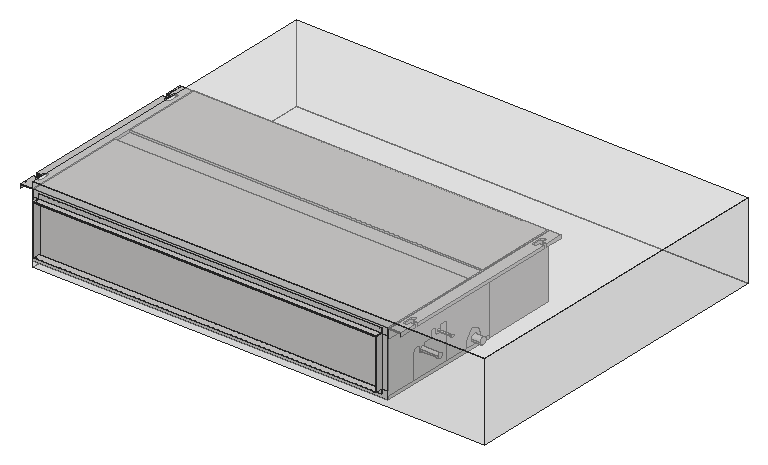
Revit family "outputfile", category 機械設備, Revit 2024
Family settings
  丸型コネクタ寸法 = 半径を使用
  パーツ タイプ = 標準
  OmniClass 番号 = 23.75.10.24.21.27.27
  OmniClass タイトル = Split System Air Conditioning Units
  作業面ベース = いいえ
  常に垂直 = はい
  ロード時にボイドで切り取り = いいえ
  注釈の向きを維持 = いいえ
  共有 = いいえ
  部屋計算ポイント = はい
Parameters (values of type "CDXM60RVMV")
  Description = ""
  書き出し IFC クラス(タイプ) = "IfcUnitaryEquipmentType"
  定義済み IFC タイプ(タイプ) = "AIRCONDITIONINGUNIT"
  Cost = 0
  Type Comments = ""
  Keynote = ""
  Type Image = (empty or 0)
  Assembly Code = ""
  switch_frequency = yes
  ld_powersupply = Depth / 2  # 310.0 mm
  製造元 = "Daikin"
  モデル = "CDXM60RVMV"
  r_Liquid Pipe Size = Liquid Pipe Size / 2  # 3.2 mm
  r_Gas Pipe Size = Gas Pipe Size / 2  # 6.35 mm
  r_Drain Pipe Size = Drain Pipe Size / 2  # 10.0 mm
  lw_powersupply = 50.0 mm  # constant formula
  lw_ductflange2 = 1020.0 mm
  lw_Width = 1060.0 mm
  lh_suctionflange [instance] = 100.0 mm  # constant formula
  ld_suctionflange [instance] = if(Rear Connection_Return Air, 190.0 mm, 100.0 mm)  # 190.0 mm
  connector_voltage = Voltage_50Hz  # 230 V
  connector_powerinput = if([Power Input (Cooling)] > [Power Input (Heating)], [Power Input (Cooling)], [Power Input (Heating)])  # 0.000 kW
  connector_phase = Phase_50Hz  # 1
  angle_vertical_RA [instance] = if(Rear Connection_Return Air, 90.00°, 0.00°)  # 90.00°
  angle horizontal_RA [instance] = if(Rear Connection_Return Air, 180.00°, 270.00°)  # 180.00°
  Voltage_comment_50Hz = "220 - 240"
  Voltage_50Hz = 230 V
  URL = ""
  Supply Air Direction [instance] = yes
  Sound Power Level_H speed (dB) = 0
  Rear Connection_Return Air [instance] = not(Bottom Connection_Return Air)  # yes
  RA_length [instance] = if(Rear Connection_Return Air, 190.0 mm, 100.0 mm)  # 190.0 mm
  Phase_50Hz = 1
  Minimum External Static Pressure = 0.00 Pa
  Minimum Circuit Amps_50Hz = 0.0 A
  Maximum Fuse Amps_50Hz = 0.0 A
  Maximum External Static Pressure = 40.00 Pa
  Material_Casing = DAIKIN_GalvanizedSteel_Casing_indoorunit
  lw_liquidpipe = 46.0 mm  # constant formula
  lw_gaspipe = 57.0 mm  # constant formula
  lw_mountinghole = 1140.0 mm
  lw_drainpipe = 30.0 mm  # constant formula
  lh_powersupply = 150.0 mm  # constant formula
  lh_liquidpipe = 90.0 mm  # constant formula
  lh_gaspipe = 113.0 mm  # constant formula
  lh_mountinghole = Height  # 200.0 mm
  lh_drainpipe = 170.0 mm  # constant formula
  lh_antena = 1.0 mm  # constant formula
  ld_liquidpipe = 193.0 mm  # constant formula
  ld_gaspipe = 130.0 mm  # constant formula
  ld_mountinghole = 500.0 mm  # constant formula
  ld_drainpipe = 330.0 mm  # constant formula
  ld_controlbox = 626.0 mm  # constant formula
  h*** = 0.0 mm  # constant formula
  d_dischargeflange = 21.2 mm  # constant formula
  Width = 1100.0 mm
  Version = "ver.1.0"
  Unit Type = "Duct (L.S.P)"
  Unit Mass Weight = 30.00 kg
  Unit Designation [instance] = ""
  Uniclass2015Version = "Products v1.30"
  Uniclass2015Title = "Split coil room air conditioning units"
  Uniclass2015Code = "Pr_70_65_03_86"
  Total Heating Capacity [instance] = 0.000 kW
  Total Cooling Capacity [instance] = 0.000 kW
  Sound Pressure Level_M speed (dBA) = 36
  Sound Pressure Level_L speed (dBA) = 34
  Sound Pressure Level_H speed (dBA) = 38
  Series = "Multi Split_Fan Coil Unit"
  Sensible Cooling Capacity [instance] = 0.000 kW
  SA Duct Size Width = 1060.0 mm
  SA Duct Size Height = 153.0 mm
  Refrigerant Type = "R32"
  RA Duct Size Width = 980.0 mm
  RA Duct Size Height = 160.0 mm
  Power Input (Heating) = 0.000 kW
  Power Input (Cooling) = 0.000 kW
  Option Accessory 3 [instance] = ""
  Option Accessory 2 [instance] = ""
  Option Accessory 1 [instance] = ""
  Nominal Heating Capacity = 7.300 kW
  Nominal Cooling Capacity = 6.000 kW
  Minimum Airflow = 810.00 m³/h
  Median Airflow = 888.00 m³/h
  Maximum Airflow = 960.00 m³/h
  Load Classification = HVAC
  Liquid Pipe Size = 6.4 mm
  Link_Nested Family [instance] = ""
  IfcVersion = ""
  IfcExportType = "AIRCONDITIONINGUNIT"
  IfcExportAs = "IfcUnitaryEquipmentType"
  Height = 200.0 mm
  Heating Entering Wet Bulb Temperature [instance] = 0.00 °C
  Heating Entering Dry Bulb Temperature [instance] = 0.00 °C
  Heating Ambient Wet Bulb Temperature [instance] = 0.00 °C
  Heating Ambient Dry Bulb Temperature [instance] = 0.00 °C
  Heat Exchanger Type = "Cross Fin Coil"
  Gas Pipe Size = 12.7 mm
  Frequency_50Hz = 50 Hz
  Fan Type = "Sirocco Fan"
  Fan Drive = "Direct Drive"
  FCU Tag No. [instance] = ""
  Drain Pipe Size = 20.0 mm
  Design Supply Airflow [instance] = 0.00 m³/h
  Design Return Airflow [instance] = 0.00 m³/h
  Design External Static Pressure [instance] = 0.00 Pa
  Depth = 620.0 mm
  既定の高さ = 0.0 mm
  Cooling Entering Wet Bulb Temperature [instance] = 0.00 °C
  Cooling Entering Dry Bulb Temperature [instance] = 0.00 °C
  Cooling Ambient Wet Bulb Temperature [instance] = 0.00 °C
  Cooling Ambient Dry Bulb Temperature [instance] = 0.00 °C
  Clearance visibility [instance] = yes
  Clearance Top = 20.0 mm
  Clearance Right = 300.0 mm
  Clearance Rear = 400.0 mm
  Clearance Left = 0.0 mm
  Clearance Front = 0.0 mm
  Clearance Bottom = 20.0 mm
  Bottom Connection_Return Air [instance] = no
Reference planes
  plane 1 "Center (Front/Back)": y = 0
  plane 2: z = 0
  plane 3 "Center (Left/Right)": x = 0
  plane 4 "Back": y = 310
  plane 5 "Front": y = -310
  plane 6 "Left": x = -550
  plane 7 "Right": x = 550
  plane 8 "Top": z = 0
  plane 9 "Bottom": z = -200
  plane 10: x = -570
  plane 11: x = 570
  plane 12: y = 250
  plane 13: z = 0
  plane 14 "Clearance Left": x = -550
  plane 15 "Clearance Right": x = 850
  plane 16 "Clearance Rear": y = 710
  plane 17 "Clearance Front": y = -310
  plane 18 "Clearance Top": z = 20
  plane 19 "Clearance Bottom": z = -220
  plane 20: y = -250
  plane 21: z = -21
  plane 22: z = -97.5
  plane 23: x = -40
  plane 24: y = 120
  plane 25: z = -100
  plane 26: y = -180
  plane 27: z = -113
  plane 28: y = -117
  plane 29: z = -90
  plane 30: y = 20
  plane 31: z = -170
  plane 32: x = 607
  plane 33: x = 596
  plane 34: x = 580
  plane 35: x = 500
  plane 36: z = -150
Forms (mm)
  Extrusion 1, solid, material "DAIKIN_GalvanizedSteel_Casing_indoorunit" <- "Material_Casing"
    sketch origin (0, 0, 0) x (1, 0, 0) y (0, 1, 0)
      loop
        line (-550, -310) -> (550, -310) -> (550, 310) -> (-550, 310) -> (-550, -310)
    from -200 to 0
  Extrusion 2, void
    sketch origin (0, 0, 1) x (1, 0, 0) y (0, 1, 0)
      loop
        line (-550, 61.5) -> (-550, 3.5) -> (550, 3.5) -> (550, 61.5) -> (-550, 61.5)
    from -1 to -7
  Extrusion 3, solid, material "DAIKIN_GalvanizedSteel_Casing_indoorunit" <- "Material_Casing", visible <- "Bottom Connection_Return Air"
    sketch origin (0, 0, 0) x (1, 0, 0) y (0, 0, 1)
      loop
        line (469, -200) -> (469, -1) -> (-549, -1) -> (-549, -200) -> (469, -200)
    from -310 to -309
  Extrusion 4, solid, material "DAIKIN_GalvanizedSteel_Casing_indoorunit" <- "Material_Casing", visible <- "Rear Connection_Return Air"
    sketch origin (0, 0, 0) x (1, 0, 0) y (0, 1, 0)
      loop
        line (-549, 310) -> (-549, 111) -> (469, 111) -> (469, 310) -> (-549, 310)
    from -200 to -199
  Extrusion 5, solid, material "DAIKIN_GalvanizedSteel_Casing_indoorunit" <- "Material_Casing"
    sketch origin (550, 0, 0) x (0, 1, 0) y (0, 0, 1)
      loop
        circle (-180, -113) r 6.35
    from 0 to 57
  Extrusion 6, solid, material "DAIKIN_GalvanizedSteel_Casing_indoorunit" <- "Material_Casing"
    sketch origin (550, 0, 0) x (0, 1, 0) y (0, 0, 1)
      loop
        circle (-117, -90) r 3.2
    from 0 to 46
  Extrusion 7, solid, material "DAIKIN_GalvanizedSteel_Casing_indoorunit" <- "Material_Casing"
    sketch origin (550, 0, 0) x (0, 1, 0) y (0, 0, 1)
      loop
        circle (20, -170) r 10
    from 0 to 30
  Extrusion 8, solid, material "DAIKIN_GalvanizedSteel_Casing_indoorunit" <- "Material_Casing"
    sketch origin (550, 0, 0) x (0, 1, 0) y (0, 0, 1)
      loop
        line (-310, -200) -> (78.6, -200) -> (78.6, -193)
        arc (78.6, -193) -> (77.721, -190.879) -> (75.6, -190) r 3
        line (75.6, -190) -> (-310, -190) -> (-310, -200)
    from 0 to -1
  Extrusion 9, solid, material "DAIKIN_GalvanizedSteel_Casing_indoorunit" <- "Material_Casing"
    sketch origin (550, 0, 0) x (0, 1, 0) y (0, 0, 1)
      loop
        line (-210, -190) -> (-85.6, -190) -> (-85.6, -83)
        arc (-85.6, -83) -> (-86.479, -80.879) -> (-88.6, -80) r 3
        line (-88.6, -80) -> (-102, -80)
        arc (-102, -80) -> (-104.121, -80.879) -> (-105, -83) r 3
        line (-105, -83) -> (-105, -90)
        arc (-105, -90) -> (-117, -102) -> (-129, -90) r 12
        line (-129, -90) -> (-129, -83)
        arc (-129, -83) -> (-129.879, -80.879) -> (-132, -80) r 3
        line (-132, -80) -> (-136.1, -80)
        arc (-136.1, -80) -> (-138.221, -80.879) -> (-139.1, -83) r 3
        line (-139.1, -83) -> (-139.1, -102.7) -> (-165, -102.7)
        arc (-165, -102.7) -> (-167.121, -103.579) -> (-168, -105.7) r 3
        line (-168, -105.7) -> (-168, -113)
        arc (-168, -113) -> (-180, -125) -> (-192, -113) r 12
        line (-192, -113) -> (-192, -105.7)
        arc (-192, -105.7) -> (-192.879, -103.579) -> (-195, -102.7) r 3
        line (-195, -102.7) -> (-207, -102.7)
        arc (-207, -102.7) -> (-209.121, -103.579) -> (-210, -105.7) r 3
        line (-210, -105.7) -> (-210, -190)
    from 0 to -1
  Extrusion 10, solid, material "DAIKIN_GalvanizedSteel_Casing_indoorunit" <- "Material_Casing"
    sketch origin (550, 0, 0) x (0, 1, 0) y (0, 0, 1)
      loop
        arc (44.5, -170) -> (20, -145.5) -> (-4.5, -170) r 24.5
        line (-4.5, -170) -> (-4.5, -190) -> (44.5, -190) -> (44.5, -170)
    from 0 to -1
  Extrusion 11, solid, material "DAIKIN_GalvanizedSteel_Casing_indoorunit" <- "Material_Casing"
    sketch origin (550, 0, 0) x (0, 1, 0) y (0, 0, 1)
      loop
        arc (86.6, -22) -> (84.479, -22.879) -> (83.6, -25) r 3
        line (83.6, -25) -> (83.6, -194.5)
        arc (83.6, -194.5) -> (84.479, -196.621) -> (86.6, -197.5) r 3
        line (86.6, -197.5) -> (307, -197.5)
        arc (307, -197.5) -> (309.121, -196.621) -> (310, -194.5) r 3
        line (310, -194.5) -> (310, -25)
        arc (310, -25) -> (309.121, -22.879) -> (307, -22) r 3
        line (307, -22) -> (86.6, -22)
    from 0 to -1
Cuts and joins
  Extrusion 2 cuts Extrusion 1
Dimensions and locks
  "Height": plane 8 "Top" to plane 9 "Bottom"
  equal spacing: plane 10, plane 3 "Center (Left/Right)", plane 11
  "lw_mountinghole": plane 10 to plane 11
  equal spacing: plane 6 "Left", plane 3 "Center (Left/Right)", plane 7 "Right"
  "Width": plane 6 "Left" to plane 7 "Right"
  "Clearance Right": plane 7 "Right" to plane 15 "Clearance Right"
  "Clearance Left": plane 14 "Clearance Left" to plane 6 "Left"
  "Clearance Rear": plane 16 "Clearance Rear" to plane 4 "Back"
  "Clearance Front": plane 5 "Front" to plane 17 "Clearance Front"
  "Clearance Top": plane 18 "Clearance Top" to plane 8 "Top"
  "Clearance Bottom": plane 9 "Bottom" to plane 19 "Clearance Bottom"
  "Depth": plane 4 "Back" to plane 5 "Front"
  equal spacing: plane 4 "Back", plane 1 "Center (Front/Back)", plane 5 "Front"
  Extrusion 3 sketch curve to Extrusion 3 sketch curve = 199.0 mm
  locked: plane 20 to plane 5 "Front" at 60
  "ld_mountinghole": plane 12 to plane 20
  locked: plane 8 "Top" to plane 21 at 21
  locked: plane 23 to plane 3 "Center (Left/Right)" at 40
  "ld_suctionflange": plane 4 "Back" to plane 24
  "lh_suctionflange": plane 8 "Top" to plane 25
  "ld_gaspipe": plane 26 to plane 5 "Front"
  "lh_gaspipe": plane 8 "Top" to plane 27
  "ld_liquidpipe": plane 28 to plane 5 "Front"
  "lh_liquidpipe": plane 8 "Top" to plane 29
  "ld_drainpipe": plane 30 to plane 5 "Front"
  "lh_drainpipe": plane 8 "Top" to plane 31
  "lw_gaspipe": plane 7 "Right" to plane 32
  "lw_liquidpipe": plane 7 "Right" to plane 33
  "lw_drainpipe": plane 7 "Right" to plane 34
  "lw_powersupply": plane 35 to plane 7 "Right"
  "lh_powersupply": plane 8 "Top" to plane 36
  "r_Gas Pipe Size": radius of Extrusion 5 sketch curve
  "r_Liquid Pipe Size": radius of Extrusion 6 sketch curve
  "r_Drain Pipe Size": radius of Extrusion 7 sketch curve
  aligned and locked: level to plane 2
  aligned and locked: Extrusion 1 to plane 9 "Bottom"
  aligned and locked: plane 8 "Top" to Extrusion 1
  aligned and locked: plane 11 to nested 2
  aligned and locked: plane 10 to nested 3
  aligned and locked: plane 10 to nested 4
  aligned and locked: plane 8 "Top" to Extrusion 2
  aligned and locked: plane 9 "Bottom" to Extrusion 4  (x2)
  aligned and locked: plane 7 "Right" to cut or joined group of Extrusion 1, Extrusion 2  (x2)
  aligned and locked: plane 3 "Center (Left/Right)" to nested 9
  aligned and locked: plane 6 "Left" to nested 7
  aligned and locked: plane 8 "Top" to nested 9
  aligned and locked: plane 11 to nested 1
  aligned and locked: nested 6 to plane 1 "Center (Front/Back)"
  aligned and locked: plane 3 "Center (Left/Right)" to nested 6
  aligned and locked: level to plane 8 "Top"
  aligned and locked: plane 1 "Center (Front/Back)" to nested 9
  aligned and locked: plane 5 "Front" to nested 10
  aligned and locked: Extrusion 1 sketch curve to plane 5 "Front"
  aligned and locked: plane 21 to nested 10
  aligned and locked: nested 5 to plane 5 "Front"
  aligned and locked: plane 3 "Center (Left/Right)" to nested 5
  aligned and locked: plane 22 to nested 5
  aligned and locked: Extrusion 2 sketch curve to plane 6 "Left"
  aligned and locked: plane 7 "Right" to Extrusion 2 sketch curve
  aligned and locked: nested 11 to plane 23
  aligned and locked: nested 11 to plane 24
  aligned and locked: plane 27 to Extrusion 5 sketch curve
  aligned and locked: plane 26 to Extrusion 5 sketch curve
  aligned and locked: plane 28 to Extrusion 6 sketch curve
  aligned and locked: plane 29 to Extrusion 6 sketch curve
  aligned and locked: plane 31 to Extrusion 7 sketch curve
  aligned and locked: plane 30 to Extrusion 7 sketch curve
  aligned and locked: plane 26 to nested 12
  aligned and locked: nested 12 to plane 27
  aligned and locked: plane 32 to Extrusion 5
  aligned and locked: plane 32 to nested 12
  aligned and locked: plane 33 to Extrusion 6
  aligned and locked: plane 28 to nested 13
  aligned and locked: nested 13 to plane 29
  aligned and locked: plane 33 to nested 13
  aligned and locked: plane 34 to Extrusion 7
  aligned and locked: plane 30 to nested 14
  aligned and locked: nested 14 to plane 31
  aligned and locked: plane 34 to nested 14
  aligned and locked: Extrusion 8 sketch curve to plane 9 "Bottom"
  aligned and locked: Extrusion 8 sketch curve to plane 5 "Front"
  aligned and locked: plane 14 "Clearance Left" to nested 15
  aligned and locked: plane 15 "Clearance Right" to nested 15
  aligned and locked: plane 16 "Clearance Rear" to nested 15
  aligned and locked: nested 15 to plane 17 "Clearance Front"
  aligned and locked: nested 15 to plane 18 "Clearance Top"
  aligned and locked: nested 15 to plane 19 "Clearance Bottom"
  aligned and locked: nested 16 to plane 35
  aligned and locked: nested 16 to plane 36
  aligned and locked: plane 4 "Back" to nested 16
Automatic sketch dimensions
  Extrusion 1 sketch curve to plane 4 "Back" = 0.0 mm
  Extrusion 1 sketch curve to plane 6 "Left" = 0.0 mm
  Extrusion 1 sketch curve to plane 7 "Right" = 0.0 mm
  Extrusion 4 sketch curve to plane 4 "Back" = 0.0 mm
  plane 6 "Left" to Extrusion 3 sketch curve = 1.0 mm
  plane 6 "Left" to Extrusion 4 sketch curve = 1.0 mm
  Extrusion 4 sketch curve to plane 1 "Center (Front/Back)" = 111.0 mm
  Extrusion 3 sketch curve to plane 9 "Bottom" = 0.0 mm
  Extrusion 3 sketch curve to plane 7 "Right" = 81.0 mm
  Extrusion 4 sketch curve to plane 7 "Right" = 81.0 mm
  Extrusion 2 sketch curve to plane 1 "Center (Front/Back)" = 3.5 mm
  Extrusion 2 sketch curve to Extrusion 2 sketch curve = 58.0 mm
  plane 9 "Bottom" to Extrusion 8 sketch curve = 7.0 mm
  Extrusion 8 sketch curve to plane 24 = 44.4 mm
  Extrusion 8 sketch curve to Extrusion 8 sketch curve = 3.0 mm
  Extrusion 9 sketch curve to plane 27 = 0.0 mm
  Extrusion 9 sketch curve to plane 26 = 0.0 mm
  Extrusion 9 sketch curve to plane 29 = 0.0 mm
  Extrusion 9 sketch curve to plane 28 = 0.0 mm
  Extrusion 9 sketch curve to plane 26 = 12.0 mm
  Extrusion 9 sketch curve to plane 25 = 2.7 mm  (x2)
  Extrusion 9 sketch curve to Extrusion 9 sketch curve = 3.0 mm  (x6)
  Extrusion 9 sketch curve to Extrusion 9 sketch curve = 12.0 mm
  plane 9 "Bottom" to Extrusion 9 sketch curve = 10.0 mm
  Extrusion 9 sketch curve to plane 26 = 30.0 mm
  Extrusion 9 sketch curve to plane 28 = 22.1 mm
  Extrusion 9 sketch curve to Extrusion 9 sketch curve = 4.1 mm
  plane 29 to Extrusion 9 sketch curve = 7.0 mm  (x2)
  Extrusion 9 sketch curve to Extrusion 9 sketch curve = 13.4 mm
  Extrusion 10 sketch curve to plane 30 = 0.0 mm
  Extrusion 10 sketch curve to plane 31 = 0.0 mm
  plane 1 "Center (Front/Back)" to Extrusion 10 sketch curve = 4.5 mm
  plane 9 "Bottom" to Extrusion 10 sketch curve = 10.0 mm
  Extrusion 11 sketch curve to plane 4 "Back" = 0.0 mm
  Extrusion 11 sketch curve to Extrusion 11 sketch curve = 3.0 mm  (x3)
  Extrusion 11 sketch curve to plane 21 = 1.0 mm
  Extrusion 11 sketch curve to plane 21 = 4.0 mm
  Extrusion 11 sketch curve to plane 24 = 33.4 mm
  plane 9 "Bottom" to Extrusion 11 sketch curve = 5.5 mm
Nested families
  nested 1: "daikin_mountinghole" at (570, 250, -200), l_antenna <- "lh_antena", Link_Nested Family <- "Link_Nested Family", h_mountinghole <- "lh_mountinghole", type "daikin_mountinghole"
    with show yes, l_antenna 1.0 mm, h_mountinghole 200.0 mm, Link_Nested Family ""
  nested 2: "daikin_mountinghole" at (570, -250, -200), Link_Nested Family <- "Link_Nested Family", l_antenna <- "lh_antena", h_mountinghole <- "lh_mountinghole", type "daikin_mountinghole"
    with show yes, l_antenna 1.0 mm, h_mountinghole 200.0 mm, Link_Nested Family ""
  nested 3: "daikin_mountinghole" at (-570, -250, -200), l_antenna <- "lh_antena", Link_Nested Family <- "Link_Nested Family", h_mountinghole <- "lh_mountinghole", type "daikin_mountinghole"
    with show yes, l_antenna 1.0 mm, h_mountinghole 200.0 mm, Link_Nested Family ""
  nested 4: "daikin_mountinghole" at (-570, 250, -200), l_antenna <- "lh_antena", Link_Nested Family <- "Link_Nested Family", h_mountinghole <- "lh_mountinghole", type "daikin_mountinghole"
    with show yes, l_antenna 1.0 mm, h_mountinghole 200.0 mm, Link_Nested Family ""
  nested 5: "daikin_connector_rotate2" at (0, -310, -97.5), length <- "d_dischargeflange", type "daikin_connector_rotate2"
    with radius 10.0 mm, length 21.2 mm, angle_vertical 90.00°, show_face no
  nested 6: "daikin_△_symbolicline" at (-75, -129.904, 200) x (-0.5, 0.866, 0) z (0, 0, 1), built-in parameter 1001364 <- "Height", visible <- "Supply Air Direction", type "daikin_△_symbolicline"
    with length 300.0 mm
  nested 7: "daikin_ductflange_CDXM-RVMV_1" at (-40, 310, -100), visible <- "Rear Connection_Return Air", material <- "Material_Casing", width <- "lw_ductflange2", type "daikin_ductflange_CDXM-RVMV_1"
    with width 1020.0 mm, material DAIKIN_GalvanizedSteel_Casing_indoorunit, height 180.0 mm, depth 21.2 mm
  nested 8: "daikin_ductflange_CDXM-RVMV_1" at (-40, 210, -200) x (1, 0, 0) z (0, 1, 0), visible <- "Bottom Connection_Return Air", material <- "Material_Casing", width <- "lw_ductflange2", type "daikin_ductflange_CDXM-RVMV_1"
    with width 1020.0 mm, material DAIKIN_GalvanizedSteel_Casing_indoorunit, height 180.0 mm, depth 21.2 mm
  nested 9: "daikin_hangerfixture_CDXM-RVMV" at (0, 0, 0), type "daikin_hangerfixture_CDXM-RVMV"
    with width 1100.0 mm
  nested 10: "daikin_ductflange_CDXM-RVMV" at (0, 3.5, -364.201), width <- "lw_Width", material <- "Material_Casing", type "daikin_ductflange_CDXM-RVMV"
    with width 1060.0 mm, material DAIKIN_GalvanizedSteel_Casing_indoorunit, height 155.0 mm, depth 21.2 mm
  nested 11: "daikin_connector_rotate3" at (-40, 120, -100), length <- "RA_length", angle_vertical <- "angle_vertical_RA", angle_horizontal <- "angle horizontal_RA", type "daikin_connector_rotate3"
    with show no, radius 10.0 mm, length 190.0 mm, angle_vertical 90.00°, angle_horizontal 180.00°
  nested 12: "daikin_connector_rotate2" at (550, -180, -113) x (0, 1, 0) z (0, 0, 1), length <- "lw_gaspipe", radius <- "r_Gas Pipe Size", type "daikin_connector_rotate2"
    with radius 6.35 mm, length 57.0 mm, angle_vertical 90.00°, show_face no
  nested 13: "daikin_connector_rotate2" at (550, -117, -90) x (0, 1, 0) z (0, 0, 1), radius <- "r_Liquid Pipe Size", length <- "lw_liquidpipe", type "daikin_connector_rotate2"
    with radius 3.2 mm, length 46.0 mm, angle_vertical 90.00°, show_face no
  nested 14: "daikin_connector_rotate2" at (550, 20, -170) x (0, 1, 0) z (0, 0, 1), radius <- "r_Drain Pipe Size", length <- "lw_drainpipe", type "daikin_connector_rotate2"
    with radius 10.0 mm, length 30.0 mm, angle_vertical 90.00°, show_face no
  nested 15: "daikin_clearancespace" at (150, 200, -99.881), visible <- "Clearance visibility", Link_Nested Family <- "Link_Nested Family", show <- "Clearance visibility", type "daikin_clearancespace"
    with width 1400.0 mm, show yes, height 240.0 mm, depth 1020.0 mm, Link_Nested Family ""
  nested 16: "daikin_connector_rotate2" at (500, 0, -150) x (-1, 0, 0) z (0, 0, 1), length <- "ld_powersupply", type "daikin_connector_rotate2"
    with radius 10.0 mm, length 310.0 mm, angle_vertical 90.00°, show_face no
Connectors
  hvac at (0, -331.2, -97.5), driven by "SA Duct Size Height", driven by "SA Duct Size Width"
    settings: on nested 5, index 1, duct flow 0.00 m³/h, flow factor 0, pres drop 0.00 Pa, loss coef 0, conn angle 0.00°, conn width 1060.0 mm, conn height 153.0 mm, conn diameter 609.6 mm, duct sys type 1, conn prof type 1, flow config 0, flow direction 2, loss method 4, conn ref index -1, conn util no, is conn primary yes, conn desc "SA Duct"
  hvac at (-40, 310, -100), driven by "RA Duct Size Height", driven by "RA Duct Size Width"
    settings: on nested 11, index 2, duct flow 0.00 m³/h, flow factor 0, pres drop 0.00 Pa, loss coef 0, conn angle 0.00°, conn width 980.0 mm, conn height 160.0 mm, conn diameter 609.6 mm, duct sys type 2, conn prof type 1, flow config 0, flow direction 1, loss method 4, conn ref index -1, conn util no, is conn primary no, conn desc "RA Duct"
  piping at (607, -180, -113), diameter 12.7, driven by "r_Gas Pipe Size"
    settings: on nested 12, index 3, connector inside diameter 609.6 mm, connector length 0.0 mm, flow factor 0, pipe flow 0.00 m³/h, pressure drop 0.0 Pa, fitting loss kfactor 0, connector angle 0.00°, fixture units 0, engagement length 0.0 mm, angle of deflection 0.00°, flow configuration 1, flow direction 2, fitting loss method 0, system type 29, joint type 0, gender type 0, connector reference index -1, connector utility 0, adjustable connector no, is connector primary yes, connector description "Refrigerant Gas Piping"
  piping at (596, -117, -90), diameter 6.4, driven by "r_Liquid Pipe Size"
    settings: on nested 13, index 4, connector inside diameter 609.6 mm, connector length 0.0 mm, flow factor 0, pipe flow 0.00 m³/h, pressure drop 0.0 Pa, fitting loss kfactor 0, connector angle 0.00°, fixture units 0, engagement length 0.0 mm, angle of deflection 0.00°, flow configuration 1, flow direction 1, fitting loss method 0, system type 29, joint type 0, gender type 0, connector reference index -1, connector utility 0, adjustable connector no, is connector primary no, connector description "Refrigerant Liquid Piping"
  piping at (580, 20, -170), diameter 20, driven by "r_Drain Pipe Size"
    settings: on nested 14, index 5, connector inside diameter 609.6 mm, connector length 0.0 mm, flow factor 0, pipe flow 0.00 m³/h, pressure drop 0.0 Pa, fitting loss kfactor 0, connector angle 0.00°, fixture units 0, engagement length 0.0 mm, angle of deflection 0.00°, flow configuration 1, flow direction 2, fitting loss method 4, system type 16, joint type 0, gender type 0, connector reference index -1, connector utility 0, adjustable connector no, is connector primary no, connector description "Condensate Drain Piping"
  electrical at (500, 310, -150), driven by "Load Classification", driven by "connector_phase", driven by "connector_powerinput", driven by "connector_voltage"
    settings: on nested 16, index 6, voltage 230 V, apparent load 0 VA, apparent load phase1 0 VA, apparent load phase2 0 VA, apparent load phase3 0 VA, power factor 1, load classification "HVAC", number of poles 1, system type 30, power factor state 1, is connector primary yes, connector utility no, sub classification motor no, connector description "Power Supply"
Definition of nested family "daikin_ductflange_CDXM-RVMV_1"
  Parameters (values of type "daikin_ductflange_CDXM-RVMV_1")
    width [instance] = 620.0 mm
    material [instance] = none
    height [instance] = 180.0 mm
    depth [instance] = 21.2 mm
    Default Elevation = 0.0 mm
  Reference planes
    plane 1 "Center (Front/Back)": y = 0
    plane 2: z = 0
    plane 3 "Center (Left/Right)": x = 0
    plane 4: x = -310
    plane 5: x = 310
    plane 6: z = 90
    plane 7: z = -90
    plane 8: z = 100
    plane 9: z = -100
    plane 10: x = -309
    plane 11: x = 309
  Forms (mm)
    Extrusion 1, solid, material <- "material"
      sketch origin (0, 0, 0) x (1, 0, 0) y (0, 0, 1)
        loop
          line (-290, 80) -> (-290, -80) -> (290, -80) -> (290, 80) -> (-290, 80)
        loop
          line (-309, -99) -> (309, -99) -> (309, 99) -> (-309, 99) -> (-309, -99)
      from 0 to 1
  Dimensions and locks
    equal spacing: plane 5, plane 3 "Center (Left/Right)", plane 4, locked at 310 each
    "width": plane 5 to plane 4
    equal spacing: plane 6, level, plane 7, locked at 90 each
    "height": plane 6 to plane 7
    equal spacing: plane 8, level, plane 9, locked at 100 each
    locked: plane 8 to plane 9 at 200
    plane 10 to plane 4 = 1.0 mm
    locked: plane 5 to plane 11 at 1
    locked: Extrusion 1 sketch curve to Extrusion 1 sketch curve at 19  (x4)
    locked: plane 8 to Extrusion 1 sketch curve at 1
    locked: Extrusion 1 sketch curve to plane 9 at 1
    aligned and locked: level to plane 2
  Automatic sketch dimensions
    plane 4 to Extrusion 1 sketch curve = 1.0 mm
    Extrusion 1 sketch curve to plane 5 = 1.0 mm
Definition of nested family "daikin_hangerfixture_CDXM-RVMV"
  Parameters (values of type "daikin_hangerfixture_CDKS-EAVMA")
    width = 700.0 mm
    material = none
    height = 30.0 mm
    depth = 618.0 mm
    Default Elevation = 0.0 mm
  Reference planes
    plane 1 "Center (Front/Back)": y = 0
    plane 2: z = 0
    plane 3 "Center (Left/Right)": x = 0
    plane 4: x = 350
    plane 5: y = 309
    plane 6: y = -309
    plane 7: x = -350
    plane 8: z = -30
  Forms (mm)
    Extrusion 1, solid, material <- "material"
      sketch origin (0, 0, 0) x (1, 0, 0) y (0, 0, 1)
        loop
          line (350, 0) -> (350, -30) -> (352.3, -30) -> (352.3, -2.3) -> (387.7, -2.3) -> (387.7, -10) -> (390, -10) -> (390, 0) -> (350, 0)
      from -309 to 309
    Extrusion 2, void
      sketch origin (0, 0, 0) x (0, 1, 0) y (0, 0, 1)
        loop
          line (309, -30) -> (309, -17.979) -> (87.935, -17.979) -> (75.914, -30) -> (309, -30)
      from 0 to 450
    Extrusion 3, void
      sketch origin (0, 0, 0) x (1, 0, 0) y (0, 1, 0)
        loop
          line (390, -243.5) -> (377, -243.5) -> (377, -237)
          arc (377, -237) -> (370, -230) -> (363, -237) r 7
          line (363, -237) -> (363, -263)
          arc (363, -263) -> (370, -270) -> (377, -263) r 7
          line (377, -263) -> (377, -256.5) -> (390, -256.5) -> (390, -243.5)
        loop
          line (390, 243.5) -> (390, 256.5) -> (377, 256.5) -> (377, 263)
          arc (377, 263) -> (370, 270) -> (363, 263) r 7
          line (363, 263) -> (363, 237)
          arc (363, 237) -> (370, 230) -> (377, 237) r 7
          line (377, 237) -> (377, 243.5) -> (390, 243.5)
      from -254.96 to 618
    Extrusion 4, solid, material <- "material"
      sketch origin (0, 0, 0) x (-1, 0, 0) y (0, 0, -1)
        loop
          line (350, 0) -> (390, 0) -> (390, 10) -> (387.7, 10) -> (387.7, 2.3) -> (352.3, 2.3) -> (352.3, 30) -> (350, 30) -> (350, 0)
      from -309 to 309
    Extrusion 5, void
      sketch origin (0, 0, 0) x (-1, 0, 0) y (0, -1, 0)
        loop
          line (390, 243.5) -> (390, 256.5) -> (377, 256.5) -> (377, 263)
          arc (377, 263) -> (370, 270) -> (363, 263) r 7
          line (363, 263) -> (363, 237)
          arc (363, 237) -> (370, 230) -> (377, 237) r 7
          line (377, 237) -> (377, 243.5) -> (390, 243.5)
        loop
          line (390, -243.5) -> (377, -243.5) -> (377, -237)
          arc (377, -237) -> (370, -230) -> (363, -237) r 7
          line (363, -237) -> (363, -263)
          arc (363, -263) -> (370, -270) -> (377, -263) r 7
          line (377, -263) -> (377, -256.5) -> (390, -256.5) -> (390, -243.5)
      from -254.96 to 618
  Cuts and joins
    Extrusion 2, Extrusion 3, Extrusion 5 cuts Extrusion 1
    Extrusion 5 cuts Extrusion 4
  Dimensions and locks
    equal spacing: plane 5, plane 1 "Center (Front/Back)", plane 6
    "depth": plane 5 to plane 6
    plane 6 to plane 1 "Center (Front/Back)" to plane 5 = 309.0 mm, 309.0 mm
    equal spacing: plane 4, plane 3 "Center (Left/Right)", plane 7
    "width": plane 4 to plane 7
    "height": level to plane 8
    aligned and locked: level to plane 2
    aligned and locked: plane 5 to Extrusion 1
    aligned and locked: Extrusion 1 to plane 6
    aligned and locked: Extrusion 1 to plane 4
    aligned and locked: plane 5 to cut or joined group of Extrusion 1, Extrusion 2, Extrusion 3, Extrusion 5
    aligned and locked: cut or joined group of Extrusion 1, Extrusion 2, Extrusion 3, Extrusion 5 to plane 6
    aligned and locked: level to cut or joined group of Extrusion 1, Extrusion 2, Extrusion 3, Extrusion 5
    aligned and locked: cut or joined group of Extrusion 1, Extrusion 2, Extrusion 3, Extrusion 5 to plane 8
    aligned and locked: plane 5 to cut or joined group of Extrusion 4, Extrusion 5
    aligned and locked: cut or joined group of Extrusion 4, Extrusion 5 to plane 6
  Automatic sketch dimensions
    Extrusion 1 sketch curve to plane 4 = 0.0 mm
    Extrusion 1 sketch curve to plane 8 = 0.0 mm
    Extrusion 1 sketch curve to level = 0.0 mm
    plane 4 to Extrusion 1 sketch curve = 2.3 mm
    Extrusion 1 sketch curve to level = 2.3 mm
    Extrusion 1 sketch curve to Extrusion 1 sketch curve = 35.4 mm
    Extrusion 1 sketch curve to Extrusion 1 sketch curve = 2.3 mm
    Extrusion 1 sketch curve to Extrusion 1 sketch curve = 7.7 mm
    Extrusion 2 sketch curve to plane 8 = 0.0 mm
    Extrusion 2 sketch curve to plane 5 = 0.0 mm
    plane 8 to Extrusion 2 sketch curve = 12.021 mm
    Extrusion 2 sketch curve to plane 1 "Center (Front/Back)" = 87.935 mm
    Extrusion 2 sketch curve to Extrusion 2 sketch curve = 12.021 mm
    plane 4 to Extrusion 3 sketch curve = 13.0 mm  (x2)
    Extrusion 3 sketch curve to Extrusion 3 sketch curve = 7.0 mm  (x4)
    Extrusion 3 sketch curve to Extrusion 3 sketch curve = 13.0 mm  (x4)
    plane 6 to Extrusion 3 sketch curve = 46.0 mm
    Extrusion 3 sketch curve to Extrusion 3 sketch curve = 6.5 mm  (x4)
    Extrusion 3 sketch curve to plane 5 = 72.0 mm
    Extrusion 4 sketch curve to plane 7 = 0.0 mm
    Extrusion 4 sketch curve to plane 8 = 0.0 mm
    Extrusion 4 sketch curve to level = 0.0 mm
    Extrusion 4 sketch curve to plane 7 = 2.3 mm
    Extrusion 4 sketch curve to level = 2.3 mm
    Extrusion 4 sketch curve to Extrusion 4 sketch curve = 35.4 mm
    Extrusion 4 sketch curve to Extrusion 4 sketch curve = 2.3 mm
    Extrusion 4 sketch curve to Extrusion 4 sketch curve = 7.7 mm
    Extrusion 5 sketch curve to plane 7 = 13.0 mm  (x2)
    Extrusion 5 sketch curve to Extrusion 5 sketch curve = 7.0 mm  (x4)
    Extrusion 5 sketch curve to Extrusion 5 sketch curve = 13.0 mm  (x4)
    Extrusion 5 sketch curve to plane 5 = 46.0 mm
    Extrusion 5 sketch curve to Extrusion 5 sketch curve = 6.5 mm  (x4)
    plane 6 to Extrusion 5 sketch curve = 72.0 mm
Definition of nested family "daikin_ductflange_CDXM-RVMV"
  Parameters (values of type "daikin_ductflange_FXDQ-NDVET")
    width [instance] = 660.0 mm
    material [instance] = none
    height [instance] = 155.0 mm
    depth [instance] = 21.2 mm
    Default Elevation = 0.0 mm
  Reference planes
    plane 1 "Center (Front/Back)": y = 0
    plane 2: z = 189.201
    plane 3 "Center (Left/Right)": x = 0
    plane 4: y = -313.5
    plane 5: x = -330
    plane 6: x = 330
    plane 7: y = -334.7
    plane 8: z = 344.201
    plane 9: z = 266.701
    plane 10: z = 343.201
    plane 11: z = 190.201
  Forms (mm)
    Extrusion 1, solid, material <- "material"
      sketch origin (0, 0, 189.201) x (1, 0, 0) y (0, 1, 0)
        loop
          line (-330, -334.7) -> (-330, -313.5) -> (-350, -313.5) -> (-350, -314.5) -> (-331, -314.5) -> (-331, -334.7) -> (-330, -334.7)
        loop
          line (330, -334.7) -> (331, -334.7) -> (331, -314.5) -> (350, -314.5) -> (350, -313.5) -> (330, -313.5) -> (330, -334.7)
      from 1 to 154
    Extrusion 2, solid, material <- "material"
      sketch origin (0, 0, 0) x (0, 1, 0) y (0, 0, 1)
        loop
          line (-313.5, 343.201) -> (-313.5, 358.201) -> (-314.5, 358.201) -> (-314.5, 344.201) -> (-334.7, 344.201) -> (-334.7, 343.201) -> (-313.5, 343.201)
        loop
          line (-313.5, 190.201) -> (-334.7, 190.201) -> (-334.7, 189.201) -> (-314.5, 189.201) -> (-314.5, 175.201) -> (-313.5, 175.201) -> (-313.5, 190.201)
      from -330 to 330
  Dimensions and locks
    plane 4 to plane 1 "Center (Front/Back)" = 313.5 mm
    "depth": plane 7 to plane 4
    equal spacing: plane 8, plane 9, level
    "height": plane 8 to level
    equal spacing: plane 6, plane 3 "Center (Left/Right)", plane 5
    "width": plane 6 to plane 5
    locked: plane 8 to plane 10 at 1
    locked: plane 11 to level at 1
    locked: Extrusion 1 to Extrusion 2 sketch curve at 1
    locked: Extrusion 2 sketch curve to Extrusion 1 at 1
    plane 10 to plane 11 = 153.0 mm
    aligned and locked: level to plane 2
    aligned and locked: Extrusion 2 to plane 5
    aligned and locked: Extrusion 2 to plane 11
    aligned and locked: Extrusion 2 to plane 10
    aligned and locked: plane 6 to Extrusion 2
    aligned and locked: plane 5 to Extrusion 2  (x2)
    aligned and locked: plane 5 to Extrusion 1  (x2)
    aligned and locked: Extrusion 1 to plane 6
    aligned and locked: plane 6 to Extrusion 1
    aligned and locked: Extrusion 1 to plane 10
  Automatic sketch dimensions
    Extrusion 2 sketch curve to plane 7 = 0.0 mm  (x2)
    Extrusion 2 sketch curve to plane 4 = 0.0 mm  (x2)
    Extrusion 2 sketch curve to plane 11 = 0.0 mm
    Extrusion 2 sketch curve to plane 10 = 0.0 mm
    Extrusion 2 sketch curve to plane 4 = 1.0 mm  (x2)
    Extrusion 2 sketch curve to level = 14.0 mm
    plane 8 to Extrusion 2 sketch curve = 14.0 mm
    Extrusion 1 sketch curve to plane 4 = 0.0 mm  (x2)
    Extrusion 1 sketch curve to plane 7 = 0.0 mm  (x2)
    Extrusion 1 sketch curve to plane 5 = 0.0 mm
    Extrusion 1 sketch curve to plane 6 = 0.0 mm
    Extrusion 1 sketch curve to plane 5 = 1.0 mm
    Extrusion 1 sketch curve to Extrusion 1 sketch curve = 19.0 mm  (x2)
    Extrusion 1 sketch curve to Extrusion 1 sketch curve = 1.0 mm
    Extrusion 1 sketch curve to plane 4 = 1.0 mm  (x2)
Definition of nested family "daikin_clearancespace"
  Parameters (values of type "daikin_clearancespace")
    Description = "daikin_clearancespace"
    width [instance] = 1823.963 mm
    show [instance] = yes
    material = none
    height [instance] = 1359.762 mm
    depth [instance] = 880.0 mm
    Default Elevation = 0.0 mm
    Link_Nested Family [instance] = ""
  Reference planes
    plane 1 "Center (Front/Back)": y = 0
    plane 2 "Center (Elevation)": z = -0.119
    plane 3 "Center (Left/Right)": x = 0
    plane 4: y = 440
    plane 5: y = -440
    plane 6 "Right": x = 911.982
    plane 7 "Left": x = -911.982
    plane 8 "Top": z = 679.762
    plane 9 "Bottom": z = -680
  Forms (mm)
    Extrusion 1, solid, material <- "material", visible <- "show"
      sketch origin (0, 0, 0) x (1, 0, 0) y (0, 1, 0)
        loop
          line (-911.982, 440) -> (-911.982, -440) -> (911.982, -440) -> (911.982, 440) -> (-911.982, 440)
      from -680 to 679.762
  Lines and regions (mm)
    symbolic lines, visible <- "show"
      curve 1: line (911.982, 440, 0) -> (-911.982, 440, 0)
      curve 2: line (-911.982, 440, 0) -> (-911.982, -440, 0)
      curve 3: line (-911.982, -440, 0) -> (911.982, -440, 0)
      curve 4: line (911.982, -440, 0) -> (911.982, 440, 0)
      curve 5: line (911.982, 0, 679.762) -> (-911.982, 0, 679.762)
      curve 6: line (911.982, 0, -680) -> (911.982, 0, 679.762)
      curve 7: line (-911.982, 0, -680) -> (911.982, 0, -680)
      curve 8: line (-911.982, 0, 679.762) -> (-911.982, 0, -680)
      curve 9: line (0, 440, 679.762) -> (0, -440, 679.762)
      curve 10: line (0, -440, 679.762) -> (0, -440, -680)
      curve 11: line (0, 440, -680) -> (0, 440, 679.762)
      curve 12: line (0, -440, -680) -> (0, 440, -680)
  Dimensions and locks
    "width": plane 7 "Left" to plane 6 "Right"
    "depth": plane 4 to plane 5
    "height": plane 8 "Top" to plane 9 "Bottom"
    equal spacing: plane 7 "Left", plane 3 "Center (Left/Right)", plane 6 "Right"
    equal spacing: plane 4, plane 1 "Center (Front/Back)", plane 5
    equal spacing: plane 8 "Top", plane 2 "Center (Elevation)", plane 9 "Bottom"
    aligned and locked: level to plane 2 "Center (Elevation)"
    aligned and locked: Extrusion 1 sketch curve to plane 4
    aligned and locked: plane 7 "Left" to Extrusion 1 sketch curve
    aligned and locked: Extrusion 1 sketch curve to plane 5
    aligned and locked: Extrusion 1 sketch curve to plane 6 "Right"
    aligned and locked: plane 8 "Top" to Extrusion 1
    aligned and locked: curve 1 to Extrusion 1
    aligned and locked: curve 2 to Extrusion 1
    aligned and locked: curve 3 to Extrusion 1
    aligned and locked: curve 4 to Extrusion 1
    aligned and locked: curve 5 to Extrusion 1
    aligned and locked: curve 6 to Extrusion 1
    aligned and locked: curve 7 to Extrusion 1
    aligned and locked: curve 8 to Extrusion 1
    aligned and locked: curve 9 to Extrusion 1
    aligned and locked: curve 10 to Extrusion 1
    aligned and locked: curve 11 to Extrusion 1
    aligned and locked: curve 12 to Extrusion 1
    aligned and locked: Extrusion 1 to plane 9 "Bottom"
Definition of nested family "daikin_mountinghole"
  Parameters (values of type "daikin_mountinghole")
    Default Elevation = 1219.2 mm
    Type Comments = "mountinghole"
    show [instance] = yes
    material = none
    l_centerline = 100.0 mm
    l_antenna [instance] = 100.0 mm
    h_mountinghole [instance] = 0.0 mm
    d_circle = 30.0 mm
    Link_Nested Family [instance] = ""
  Reference planes
    plane 1 "Center (Front/Back)": y = 0
    plane 2: z = 0
    plane 3 "Center (Left/Right)": x = 0
    plane 4: y = 50
    plane 5: x = -50
    plane 6: x = 50
    plane 7: y = -50
    plane 8 "h_mountinghole": z = 0
    plane 9: z = 100
  Lines and regions (mm)
    model lines, detail levels fine
      curve 1: circle (0, 0, 0) r 15 normal (0, 0, 1)
      curve 2: line (-50, 0, 0) -> (50, 0, 0)
      curve 3: line (0, 50, 0) -> (0, -50, 0)
    symbolic lines, detail levels fine
      curve 4: circle (0, 0, 0) r 15 normal (0, 0, 1)
      curve 5: line (-50, 0, 0) -> (50, 0, 0)
      curve 6: line (0, 50, 0) -> (0, -50, 0)
    model lines
      curve 7: line (0, 0, 100) -> (0, 0, 0)
  Dimensions and locks
    equal spacing: plane 4, plane 1 "Center (Front/Back)", plane 7
    "l_centerline": plane 4 to plane 7
    equal spacing: plane 5, plane 3 "Center (Left/Right)", plane 6
    "l_centerline": plane 5 to plane 6
    "l_antenna": plane 9 to plane 8 "h_mountinghole"
    "h_mountinghole": plane 8 "h_mountinghole" to plane 2
    "d_circle": diameter of curve 1
    "d_circle": diameter of curve 4
    aligned and locked: level to plane 2
    aligned and locked: plane 1 "Center (Front/Back)" to curve 1
    aligned and locked: plane 3 "Center (Left/Right)" to curve 1
    aligned and locked: plane 1 "Center (Front/Back)" to curve 2
    aligned and locked: curve 3 to plane 3 "Center (Left/Right)"
    aligned and locked: plane 6 to curve 2
    aligned and locked: plane 5 to curve 2
    aligned and locked: plane 4 to curve 3
    aligned and locked: plane 7 to curve 3
    aligned and locked: plane 1 "Center (Front/Back)" to curve 4
    aligned and locked: plane 3 "Center (Left/Right)" to curve 4
    aligned and locked: plane 6 to curve 5
    aligned and locked: plane 5 to curve 5
    aligned and locked: plane 1 "Center (Front/Back)" to curve 5
    aligned and locked: plane 4 to curve 6
    aligned and locked: plane 7 to curve 6
    aligned and locked: curve 6 to plane 3 "Center (Left/Right)"
    aligned and locked: curve 7 to plane 3 "Center (Left/Right)"
    aligned and locked: plane 9 to curve 7
    aligned and locked: plane 8 "h_mountinghole" to curve 7
Definition of nested family "daikin_connector_rotate2"
  Parameters (values of type "daikin_connector_rotate2")
    show_face = yes
    radius [instance] = 10.0 mm
    length [instance] = 600.0 mm
    d_surface = 10.0 mm
    angle_vertical [instance] = 90.00°
    Default Elevation = 0.0 mm
  Reference planes
    plane 1 "Center (Front/Back)": y = 0
    plane 2: z = 0
    plane 3 "Center (Left/Right)": x = 0
  Forms (mm)
    Extrusion 1, solid, visible <- "show_face"
      sketch origin (0, -600, 0) x (1, 0, 0) y (0, 0, 1)
        loop
          circle (0, 0) r 10
      from 0 to -10
  Lines and regions (mm)
    reference lines
      curve 1: line (0, 0, 0) -> (0, -600, 0)
    symbolic lines
      curve 2: circle (0, 0, 0) r 5 normal (0, 0, 1)
    model lines, visible <- "show_face"
      curve 3: line (0, 0, 0) -> (0, -600, 0)
  Dimensions and locks
    "length": curve 1 to curve 1
    "length": curve 3 to curve 3
    "d_surface": Extrusion 1 to Extrusion 1
    "radius": radius of Extrusion 1 sketch curve
    "angle_vertical": angle curve 1 to plane 1 "Center (Front/Back)"
    "angle_vertical": angle curve 3 to plane 1 "Center (Front/Back)"
    aligned and locked: level to plane 2
    aligned and locked: plane 1 "Center (Front/Back)" to curve 1
    aligned and locked: plane 2 to curve 1
    aligned and locked: plane 1 "Center (Front/Back)" to curve 2
    aligned and locked: plane 3 "Center (Left/Right)" to curve 2
    aligned and locked: plane 1 "Center (Front/Back)" to curve 3
    aligned and locked: plane 2 to curve 3
    aligned and locked: Extrusion 1 to Extrusion 1
  Automatic sketch dimensions
    Extrusion 1 sketch curve to level = 0.0 mm
    Extrusion 1 sketch curve to plane 3 "Center (Left/Right)" = 0.0 mm
    radius of curve 2 = 5.0 mm
Definition of nested family "daikin_△_symbolicline"
  Parameters (values of type "daikin_△_symbolicline")
    length [instance] = 500.0 mm
    Default Elevation = 0.0 mm
  Reference planes
    plane 1 "Center (Front/Back)": y = 0
    plane 2: z = 0
    plane 3 "Center (Left/Right)": x = 0
  Lines and regions (mm)
    symbolic lines
      curve 1: line (0, -433.013, 0) -> (250, 0, 0)
      curve 2: line (250, 0, 0) -> (-250, 0, 0)
      curve 3: line (-250, 0, 0) -> (0, -433.013, 0)
  Dimensions and locks
    equal spacing: curve 3, plane 3 "Center (Left/Right)", curve 2
    "length": curve 3 to curve 2
    "length": curve 3 to curve 3
    "length": curve 1 to curve 1
    aligned and locked: level to plane 2
    aligned and locked: curve 2 to plane 1 "Center (Front/Back)"
    aligned and locked: plane 3 "Center (Left/Right)" to curve 3
Definition of nested family "daikin_connector_rotate3"
  Parameters (values of type "daikin_connector_rotate3")
    Default Elevation = 1219.2 mm
    show [instance] = yes
    radius [instance] = 10.0 mm
    length [instance] = 600.0 mm
    angle_horizontal [instance] = 60.00°
    angle_vertical [instance] = 90.00°
  Reference planes
    plane 1 "Center (Front/Back)": y = 0
    plane 2: z = 0
    plane 3 "Center (Left/Right)": x = 0
  Dimensions and locks
    "angle_horizontal": angle plane 3 "Center (Left/Right)" to nested 1
    aligned and locked: level to plane 2
    aligned and locked: plane 1 "Center (Front/Back)" to nested 1  (x2)
    aligned and locked: plane 3 "Center (Left/Right)" to nested 1
  Nested families
    nested 1: "daikin_connector_rotate2" at (0, 0, 0) x (0.5, 0.866, 0) z (0, 0, 1), angle_vertical <- "angle_vertical", length <- "length", radius <- "radius", type "daikin_connector_rotate2"
      with radius 10.0 mm, length 600.0 mm, angle_vertical 90.00°
  Definition of nested family "daikin_connector_rotate2"
    Parameters (values of type "daikin_connector_rotate2")
      show_face = yes
      radius [instance] = 10.0 mm
      length [instance] = 600.0 mm
      d_surface = 10.0 mm
      angle_vertical [instance] = 90.00°
      Default Elevation = 0.0 mm
    Reference planes
      plane 1 "Center (Front/Back)": y = 0
      plane 2: z = 0
      plane 3 "Center (Left/Right)": x = 0
    Forms (mm)
      Extrusion 1, solid, visible <- "show_face"
        sketch origin (0, -600, 0) x (1, 0, 0) y (0, 0, 1)
          loop
            circle (0, 0) r 10
        from 0 to -10
    Lines and regions (mm)
      reference lines
        curve 1: line (0, 0, 0) -> (0, -600, 0)
      symbolic lines
        curve 2: circle (0, 0, 0) r 5 normal (0, 0, 1)
      model lines, visible <- "show_face"
        curve 3: line (0, 0, 0) -> (0, -600, 0)
    Dimensions and locks
      "length": curve 1 to curve 1
      "length": curve 3 to curve 3
      "d_surface": Extrusion 1 to Extrusion 1
      "radius": radius of Extrusion 1 sketch curve
      "angle_vertical": angle curve 1 to plane 1 "Center (Front/Back)"
      "angle_vertical": angle curve 3 to plane 1 "Center (Front/Back)"
      aligned and locked: level to plane 2
      aligned and locked: plane 1 "Center (Front/Back)" to curve 1
      aligned and locked: plane 2 to curve 1
      aligned and locked: plane 1 "Center (Front/Back)" to curve 2
      aligned and locked: plane 3 "Center (Left/Right)" to curve 2
      aligned and locked: plane 1 "Center (Front/Back)" to curve 3
      aligned and locked: plane 2 to curve 3
      aligned and locked: Extrusion 1 to Extrusion 1
    Automatic sketch dimensions
      Extrusion 1 sketch curve to level = 0.0 mm
      Extrusion 1 sketch curve to plane 3 "Center (Left/Right)" = 0.0 mm
      radius of curve 2 = 5.0 mm
